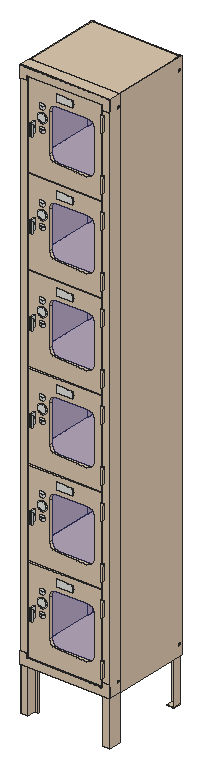
Revit family "Metal_Lockers-Salsbury_Industries-S_65000_66000_Series-1_Wide_Units", category Specialty Equipment, Revit 2016 (continued)
Definition of nested family "Metal Locker Front Filler"
  Parameters (values of type "77869 - for 6' H Lockers (Zee Base or No Legs)")
    Version = "1.0 (11/30/15)"
    Type Comments = "Vertical Front Filler for Standard Metal Lockers"
    Primary Structure Material = none
    Model = "77865"
    MasterFormat Title = ""
    MasterFormat Number = ""
    Manufacturer = "Salsbury Industries"
    Height = 72.000"
    Description = "9\" W Vertical Front Filler for 6' H Lockers"
    Depth = 1.500"
    Assembly Code = ""
  Types (9): name | Width | Visible | Model | Height | Description | Depth
    77865 - for 6' H Lockers with Legs | 15.000" | yes | "77865" | 78.000" | "15\" W Vertical Front Filler for 6' H Lockers" | 1.000"
    77869 - for 6' H Lockers with Legs | 9.000" | yes | "77865" | 78.000" | "9\" W Vertical Front Filler for 6' H Lockers" | 1.000"
    77855 - for 5' H Lockers with Legs | 15.000" | yes | "77855" | 66.000" | "15\" W Vertical Front Filler for 5' H Lockers" | 1.000"
    77859 - for 5' H Lockers with Legs | 9.000" | yes | "77859" | 66.000" | "9\" W Vertical Front Filler for 5' H Lockers" | 1.000"
    None | 15.000" | no | "n/a" | 78.000" | "" | 1.500"
    77865 - for 6' H Lockers (Zee Base or No Legs) | 15.000" | yes | "77865" | 72.000" | "15\" W Vertical Front Filler for 6' H Lockers" | 1.000"
    77869 - for 6' H Lockers (Zee Base or No Legs) | 9.000" | yes | "77865" | 72.000" | "9\" W Vertical Front Filler for 6' H Lockers" | 1.500"
    77859 - for 5' H Lockers (Zee Base or No Legs) | 9.000" | yes | "77859" | 60.000" | "9\" W Vertical Front Filler for 5' H Lockers" | 1.000"
    77855 - for 5' H Lockers (Zee Base or No Legs) | 15.000" | yes | "77855" | 60.000" | "15\" W Vertical Front Filler for 5' H Lockers" | 1.000"
  Reference planes (in)
    plane 1 "Center (Front/Back)": y = -2.167
    plane 2: z = 0
    plane 3 "Center (Left/Right)": x = -4.595
    plane 4 "Bottom of Filler": z = 0
    plane 5 "Top of Panel": z = 72
    plane 6 "Front of Filler": y = -2.917
    plane 7 "Right Side of Filler": x = -0.095
    plane 8 "Left Side of Filler": x = -9.095
    plane 9 "Back of Filler": y = -1.417
    plane 10: z = 36
  Forms (in)
    Extrusion 1, solid, material <- "Primary Structure Material", visible <- "Visible"
      sketch origin (0, 0, 0) x (0, -1, 0) y (1, 0, 0)
        loop
          line (1.417, -9.095) -> (2.917, -9.095) -> (2.917, -1.095) -> (2.869, -1.095) -> (2.869, -9.047) -> (1.417, -9.047) -> (1.417, -9.095)
      from 0 to 72
    Extrusion 2, solid, material <- "Primary Structure Material", visible <- "Visible"
      sketch origin (0, -0.20425, 0) x (0, -1, 0) y (1, 0, 0)
        loop
          line (1.30875, -0.095) -> (1.30875, -0.143) -> (2.76075, -0.143) -> (2.76075, -1.595) -> (2.80875, -1.595) -> (2.80875, -0.095) -> (1.30875, -0.095)
      from 0 to 72
    Extrusion 3, solid, material <- "Primary Structure Material", visible <- "Visible"
      sketch origin (0, 0.10825, 0) x (0, -1, 0) y (1, 0, 0)
        loop
          line (3.07325, -1.595) -> (3.07325, -0.82524) -> (3.02525, -0.82524) -> (3.02525, -1.376) -> (3.02525, -1.449) -> (3.02525, -1.522) -> (3.02525, -1.595) -> (3.07325, -1.595)
      from 0 to 72
    Extrusion 4, solid, material <- "Primary Structure Material", visible <- "Visible"
      sketch origin (0, 0, 0) x (0, -1, 0) y (1, 0, 0)
        loop
          line (2.917, -0.82524) -> (2.821, -0.82524) -> (2.821, -1.80024) -> (2.869, -1.80024) -> (2.869, -0.87324) -> (2.917, -0.87324) -> (2.917, -0.82524)
      from 0 to 72
  Dimensions and locks (in)
    equal spacing: plane 6 "Front of Filler", plane 1 "Center (Front/Back)", plane 9 "Back of Filler"
    "Depth": plane 6 "Front of Filler" to plane 9 "Back of Filler"
    equal spacing: plane 8 "Left Side of Filler", plane 3 "Center (Left/Right)", plane 7 "Right Side of Filler"
    "Width": plane 8 "Left Side of Filler" to plane 7 "Right Side of Filler"
    equal spacing: plane 5 "Top of Panel", plane 10, plane 2
    "Height": plane 5 "Top of Panel" to plane 2
    aligned and locked: level to plane 2
    aligned and locked: Extrusion 1 to plane 5 "Top of Panel"
    aligned and locked: Extrusion 2 to plane 5 "Top of Panel"
    aligned and locked: Extrusion 3 to plane 5 "Top of Panel"
    aligned and locked: Extrusion 4 to plane 5 "Top of Panel"
  Automatic sketch dimensions
    plane 9 "Back of Filler" to Extrusion 1 sketch curve = 0.000"
    plane 6 "Front of Filler" to Extrusion 1 sketch curve = 0.000"
    Extrusion 1 sketch curve to plane 8 "Left Side of Filler" = 0.000"
    Extrusion 1 sketch curve to plane 6 "Front of Filler" = 0.048"
    Extrusion 1 sketch curve to Extrusion 1 sketch curve = 0.048"
    plane 7 "Right Side of Filler" to Extrusion 1 sketch curve = 1.000"
    Extrusion 2 sketch curve to plane 7 "Right Side of Filler" = 0.000"
    plane 7 "Right Side of Filler" to Extrusion 2 sketch curve = 0.048"
    plane 9 "Back of Filler" to Extrusion 2 sketch curve = 0.096"
    plane 6 "Front of Filler" to Extrusion 2 sketch curve = 0.048"
    Extrusion 2 sketch curve to Extrusion 2 sketch curve = 0.048"
    Extrusion 2 sketch curve to Extrusion 2 sketch curve = 1.452"
    plane 6 "Front of Filler" to Extrusion 3 sketch curve = 0.000"
    plane 7 "Right Side of Filler" to Extrusion 3 sketch curve = 1.500"
    Extrusion 3 sketch curve to Extrusion 3 sketch curve = 0.073"  (x3)
    Extrusion 3 sketch curve to Extrusion 3 sketch curve = 0.55076"
    Extrusion 3 sketch curve to Extrusion 3 sketch curve = 0.048"
    plane 6 "Front of Filler" to Extrusion 4 sketch curve = 0.000"
    Extrusion 4 sketch curve to plane 6 "Front of Filler" = 0.048"
    Extrusion 4 sketch curve to Extrusion 4 sketch curve = 0.048"  (x2)
    plane 7 "Right Side of Filler" to Extrusion 4 sketch curve = 1.70524"
    plane 7 "Right Side of Filler" to Extrusion 4 sketch curve = 0.77824"
Definition of nested family "Metal Locker Flat Top Filler"
  Parameters (values of type "77842 - for 12" Deep Lockers (15" W)")
    Width = 16.250"
    Visible = yes
    Version = "1.0 (11/30/15)"
    Type Comments = "Flat Top Filler for Standard Metal Lockers"
    Primary Structure Material = none
    Model = "77842"
    MasterFormat Title = ""
    MasterFormat Number = ""
    Manufacturer = "Salsbury Industries"
    Height = 1.003"
    Description = "15\"W Flat Top In-Line Filler"
    Depth = 12.118"
    Assembly Code = ""
  Types (7): name | Width | Visible | Model | Depth
    77842 - for 12" Deep Lockers (15" W) | 16.250" | yes | "77842" | 12.118"
    77842 - for 12" Deep Lockers (9" W) | 10.250" | yes | "77842" | 12.118"
    77845 - for 15" Deep Lockers (15" W) | 16.250" | yes | "77845" | 15.118"
    77845 - for 15" Deep Lockers (9" W) | 10.250" | yes | "77845" | 15.118"
    77848 - for 18" Deep Lockers (15" W) | 16.250" | yes | "77848" | 18.118"
    77848 - for 18" Deep Lockers (9" W) | 10.250" | yes | "77848" | 18.118"
    None | 16.250" | no | "" | 12.118"
  Reference planes (in)
    plane 1 "Center (Front/Back)": y = -2.167
    plane 2: z = 0
    plane 3 "Center (Left/Right)": x = -4.595
    plane 4 "Bottom of Panel": z = 0
    plane 5 "Top of Panel": z = 1.003
    plane 6 "Front of Panel": y = -8.226
    plane 7 "Right Side of Enclosure": x = 3.53
    plane 8 "Left Side of Enclosure": x = -12.72
    plane 9 "Back of Panel": y = 3.892
    plane 10: z = 0.5015
  Forms (in)
    Extrusion 1, solid, material <- "Primary Structure Material", visible <- "Visible"
      sketch origin (-4.595, 0, 0) x (0, 1, 0) y (0, 0, 1)
        loop
          line (-8.226, 0) -> (-8.178, 0) -> (-8.178, 0.955) -> (3.892, 0.955) -> (3.892, 1.003) -> (-8.226, 1.003) -> (-8.226, 0)
      from -8.125 to 8.125
  Dimensions and locks (in)
    equal spacing: plane 6 "Front of Panel", plane 1 "Center (Front/Back)", plane 9 "Back of Panel"
    "Depth": plane 6 "Front of Panel" to plane 9 "Back of Panel"
    equal spacing: plane 8 "Left Side of Enclosure", plane 3 "Center (Left/Right)", plane 7 "Right Side of Enclosure"
    "Width": plane 8 "Left Side of Enclosure" to plane 7 "Right Side of Enclosure"
    equal spacing: plane 5 "Top of Panel", plane 10, plane 2
    "Height": plane 5 "Top of Panel" to plane 2
    aligned and locked: level to plane 2
    aligned and locked: Extrusion 1 to plane 7 "Right Side of Enclosure"
    aligned and locked: plane 8 "Left Side of Enclosure" to Extrusion 1
    aligned and locked: plane 6 "Front of Panel" to Extrusion 1
    aligned and locked: Extrusion 1 to plane 9 "Back of Panel"
  Automatic sketch dimensions
    plane 5 "Top of Panel" to Extrusion 1 sketch curve = 0.000"
    Extrusion 1 sketch curve to plane 6 "Front of Panel" = 0.000"
    Extrusion 1 sketch curve to level = 0.000"
    Extrusion 1 sketch curve to plane 9 "Back of Panel" = 0.000"
    Extrusion 1 sketch curve to plane 6 "Front of Panel" = 0.048"
    plane 5 "Top of Panel" to Extrusion 1 sketch curve = 0.048"
Definition of nested family "Metal Locker Flat Corner Filler"
  Parameters (values of type "77832 - for 12" Deep Lockers")
    Width = 12.625"
    Visible = yes
    Version = "1.0 (11/30/15)"
    Type Comments = "Flat Top Corner Filler for Standard Metal Lockers"
    Primary Structure Material = none
    Model = "77832"
    MasterFormat Title = ""
    MasterFormat Number = ""
    Manufacturer = "Salsbury Industries"
    Height = 0.048"
    Description = "12\"W Flat Top Corner Filler"
    Depth = 12.625"
    Assembly Code = ""
  Types (4): name | Width | Visible | Model | Description | Depth
    77832 - for 12" Deep Lockers | 12.625" | yes | "77832" | "12\"W Flat Top Corner Filler" | 12.625"
    77835 - for 15" Deep Lockers | 15.625" | yes | "77835" | "15\"W Flat Top Corner Filler" | 15.625"
    77838 - for 18" Deep Lockers | 18.625" | yes | "77838" | "18\"W Flat Top Corner Filler" | 18.625"
    None | 12.625" | no | "" | "" | 12.625"
  Reference planes (in)
    plane 1 "Center (Front/Back)": y = -2.167
    plane 2: z = 0
    plane 3 "Center (Left/Right)": x = -4.595
    plane 4 "Bottom of Panel": z = 0
    plane 5 "Top of Panel": z = 0.048
    plane 6 "Front of Panel": y = -8.4795
    plane 7 "Right Side of Enclosure": x = 1.7175
    plane 8 "Left Side of Enclosure": x = -10.9075
    plane 9 "Back of Panel": y = 4.1455
    plane 10: z = 0.024
  Forms (in)
    Extrusion 1, solid, material <- "Primary Structure Material", visible <- "Visible"
      sketch origin (0, 0, 0) x (0, -1, 0) y (1, 0, 0)
        loop
          line (7.8545, -10.9075) -> (7.8545, -10.2825) -> (8.4795, -10.2825) -> (8.4795, 1.7175) -> (-4.1455, 1.7175) -> (-4.1455, -10.9075) -> (7.8545, -10.9075)
      from 0 to 0.048
  Dimensions and locks (in)
    equal spacing: plane 6 "Front of Panel", plane 1 "Center (Front/Back)", plane 9 "Back of Panel"
    "Depth": plane 6 "Front of Panel" to plane 9 "Back of Panel"
    equal spacing: plane 8 "Left Side of Enclosure", plane 3 "Center (Left/Right)", plane 7 "Right Side of Enclosure"
    "Width": plane 8 "Left Side of Enclosure" to plane 7 "Right Side of Enclosure"
    equal spacing: plane 5 "Top of Panel", plane 10, plane 2
    "Height": plane 5 "Top of Panel" to plane 2
    aligned and locked: level to plane 2
    aligned and locked: Extrusion 1 to plane 9 "Back of Panel"
    aligned and locked: plane 6 "Front of Panel" to Extrusion 1
    aligned and locked: Extrusion 1 to plane 7 "Right Side of Enclosure"
    aligned and locked: plane 8 "Left Side of Enclosure" to Extrusion 1
  Automatic sketch dimensions
    Extrusion 1 sketch curve to plane 8 "Left Side of Enclosure" = 0.000"
    plane 9 "Back of Panel" to Extrusion 1 sketch curve = 0.000"
    plane 6 "Front of Panel" to Extrusion 1 sketch curve = 0.000"
    Extrusion 1 sketch curve to plane 7 "Right Side of Enclosure" = 0.000"
    Extrusion 1 sketch curve to plane 8 "Left Side of Enclosure" = 0.625"
    Extrusion 1 sketch curve to plane 6 "Front of Panel" = 0.625"
Definition of nested family "Metal Locker Sloping Hood"
  Parameters (values of type "77752 - for 12" Deep Lockers (1 Wide)")
    Width = 12.040"
    Visible = yes
    Version = "1.0 (11/30/15)"
    Type Comments = "Sloping Hood for Standard Metal Lockers"
    Slope Angle = 28.761°
    Primary Structure Material = none
    Model = "77752"
    MasterFormat Title = ""
    MasterFormat Number = ""
    Manufacturer = "Salsbury Industries"
    Height = 6.625"
    Dividing Lines = no
    Description = "12\" Deep for up to (3) 12\" Wide Lockers"
    Depth = 12.070"
    Assembly Code = ""
  Types (12): name | Width | Visible | Slope Angle | Model | Height | Dividing Lines | Description | Depth
    77752 - for 12" Deep Lockers (1 Wide) | 12.040" | yes | 28.761° | "77752" | 6.625" | no | "12\" Deep for up to (3) 12\" Wide Lockers" | 12.070"
    77752 - for 12" Deep Lockers (3 Wide) | 36.040" | yes | 28.761° | "77752" | 6.625" | yes | "12\" Deep for up to (3) 12\" Wide Lockers" | 12.070"
    77755 - for 15" Deep Lockers (1 Wide) | 12.040" | yes | 29.946° | "77755" | 8.682" | no | "15\" Deep for up to (3) 12\" Wide Lockers" | 15.070"
    77755 - for 15" Deep Lockers (3 Wide) | 36.040" | yes | 29.946° | "77755" | 8.628" | yes | "15\" Deep for up to (3) 12\" Wide Lockers" | 15.070"
    77758 - for 18" Deep Lockers (1 Wide) | 12.040" | yes | 30.723° | "77758" | 10.739" | no | "18\" Deep for up to (3) 12\" Wide Lockers" | 18.070"
    77758 - for 18" Deep Lockers (3 Wide) | 36.040" | yes | 30.723° | "77758" | 10.739" | yes | "18\" Deep for up to (3) 12\" Wide Lockers" | 18.070"
    None | 12.000" | no | 28.761° | "" | 6.625" | no | "" | 12.070"
    77765 - for 15" Deep Lockers (1 Wide) | 15.040" | yes | 29.946° | "77752" | 6.625" | no | "12\" Deep for up to (3) 12\" Wide Lockers" | 15.070"
    77768 - for 18" Deep Lockers (1 Wide) | 15.040" | yes | 30.723° | "77752" | 6.625" | no | "12\" Deep for up to (3) 12\" Wide Lockers" | 18.070"
    77765 - for 15" Deep Lockers (3 Wide) | 45.040" | yes | 29.946° | "77752" | 6.625" | yes | "12\" Deep for up to (3) 12\" Wide Lockers" | 15.070"
    77768 - for 18" Deep Lockers (3 Wide) | 45.040" | yes | 30.723° | "77752" | 6.625" | yes | "12\" Deep for up to (3) 12\" Wide Lockers" | 18.070"
    77759 - for 18" Deep Bridge Lockers | 72.040" | yes | 30.723° | "77752" | 6.625" | no | "12\" Deep for up to (3) 12\" Wide Lockers" | 18.070"
  Reference planes (in)
    plane 1 "Center (Front/Back)": y = -2.167
    plane 2: z = 0
    plane 3 "Center (Left/Right)": x = -4.595
    plane 4 "Bottom of Panel": z = 0
    plane 5 "Top of Panel": z = 6.625
    plane 6 "Front of Panel": y = -8.202
    plane 7 "Right Side of Enclosure": x = 1.425
    plane 8 "Left Side of Enclosure": x = -10.615
    plane 9 "Back of Panel": y = 3.868
    plane 10: z = 3.3125
    plane 11: through (0, -7.81601, 0.21186) normal (0, -0.4812, 0.8766)
    plane 12: through (0, -7.94397, 0.10626) normal (0, -0.4812, 0.8766)
    plane 13: y = 3.837
    plane 14: y = 3.806
    plane 15: y = 3.775
    plane 16: y = 3.37433
    plane 17 "Divider 1": x = -6.60167
    plane 18 "Divider 2": x = -2.58833
  Forms (in)
    Extrusion 1, solid, material <- "Primary Structure Material", visible <- "Visible"
      sketch origin (1.425, 0, 0) x (0, 0, -1) y (0, -1, 0)
        loop
          line (-6.62484, -3.868) -> (0, -3.868) -> (0, 8.202) -> (-6.62484, -3.868)
      from 0 to 0.031
    Extrusion 2, solid, material <- "Primary Structure Material", visible <- "Visible"
      sketch origin (1.425, 0, 0) x (0, 0, -1) y (0, -1, 0)
        loop
          line (0, -3.868) -> (0, -3.837) -> (-6.60783, -3.837) -> (-6.62484, -3.868) -> (0, -3.868)
      from 0.03098 to 0.40598
    Extrusion 3, solid, material <- "Primary Structure Material", visible <- "Visible"
      sketch origin (1.425, 0, 0) x (0, 0, -1) y (0, -1, 0)
        loop
          line (0, -3.837) -> (0, 8.13757) -> (-0.031, 8.08109) -> (-0.031, -3.837) -> (0, -3.837)
      from 0.031 to 0.80198
    Extrusion 4, solid, material <- "Primary Structure Material", visible <- "Visible"
      sketch origin (-10.615, 0, 0) x (0, 0, -1) y (0, -1, 0)
        loop
          line (-6.62484, -3.868) -> (0, -3.868) -> (0, 8.202) -> (-6.62484, -3.868)
      from 0 to -0.031
    Extrusion 5, solid, material <- "Primary Structure Material", visible <- "Visible"
      sketch origin (-10.615, 0, 0) x (0, 0, -1) y (0, -1, 0)
        loop
          line (0, -3.868) -> (0, -3.837) -> (-6.60783, -3.837) -> (-6.62484, -3.868) -> (0, -3.868)
      from -0.031 to -0.406
    Extrusion 6, solid, material <- "Primary Structure Material", visible <- "Visible"
      sketch origin (-10.615, 0, 0) x (0, 0, -1) y (0, -1, 0)
        loop
          line (0, -3.837) -> (0, 8.13757) -> (-0.031, 8.08109) -> (-0.031, -3.837) -> (0, -3.837)
      from -0.031 to -0.802
    Extrusion 7, solid, material <- "Primary Structure Material", visible <- "Visible"
      sketch origin (-4.595, 0, 0) x (0, 1, 0) y (0, 0, 1)
        loop
          line (3.837, 6.60783) -> (-8.202, 0) -> (-7.84238, 0) -> (-7.84238, 0.031) -> (-8.08109, 0.031) -> (3.806, 6.55545) -> (3.806, 6.21809) -> (3.837, 6.21809) -> (3.837, 6.60783)
      from -5.989 to 5.989
    Extrusion 8, solid, material <- "Primary Structure Material", visible <- "Visible"
      sketch origin (-4.595, -0.031, 0) x (0, 1, 0) y (0, 0, 1)
        loop
          line (3.837, 0.031) -> (3.837, 6.55545) -> (3.806, 6.53844) -> (3.806, 0.031) -> (3.837, 0.031)
      from -5.989 to 5.989
    Extrusion 9, solid, material <- "Primary Structure Material", visible <- "Visible"
      sketch origin (0, -0.031, 0) x (0, -1, 0) y (1, 0, 0)
        loop
          line (-3.806, -9.75653) -> (-3.40533, -9.75653) -> (-3.40533, 0.56919) -> (-3.806, 0.56919) -> (-3.806, -9.75653)
      from 0.031 to 0.06464
  Lines and regions (in)
    model lines, visible <- "Dividing Lines"
      curve 1: line (-6.60167, -8.21456, -0.0069) -> (-6.60167, 3.868, 6.62484)
      curve 2: line (-2.58833, -8.21456, -0.0069) -> (-2.58833, 3.868, 6.62484)
  Dimensions and locks (in)
    equal spacing: plane 6 "Front of Panel", plane 1 "Center (Front/Back)", plane 9 "Back of Panel"
    "Depth": plane 6 "Front of Panel" to plane 9 "Back of Panel"
    equal spacing: plane 8 "Left Side of Enclosure", plane 17 "Divider 1", plane 18 "Divider 2", plane 7 "Right Side of Enclosure"
    "Width": plane 8 "Left Side of Enclosure" to plane 7 "Right Side of Enclosure"
    equal spacing: plane 5 "Top of Panel", plane 10, plane 2
    "Height": plane 5 "Top of Panel" to plane 2
    locked: plane 11 to plane 12 at 0.031
    plane 16 to plane 15 to plane 14 to plane 13 to plane 9 "Back of Panel" = 0.40067", 0.031", 0.031", 0.031"
    equal spacing: plane 8 "Left Side of Enclosure", plane 3 "Center (Left/Right)", plane 7 "Right Side of Enclosure"
    "Slope Angle": angle plane 4 "Bottom of Panel" to plane 11
    aligned and locked: level to plane 2
    aligned and locked: Extrusion 1 to plane 9 "Back of Panel"
    aligned and locked: plane 4 "Bottom of Panel" to Extrusion 1
    aligned and locked: Extrusion 7 to Extrusion 1
    aligned and locked: Extrusion 7 to Extrusion 4
    aligned and locked: Extrusion 7 to Extrusion 8  (x2)
    aligned and locked: plane 11 to Extrusion 7 sketch curve
    aligned and locked: plane 12 to Extrusion 7 sketch curve
    aligned and locked: plane 12 to Extrusion 8 sketch curve
    aligned and locked: Extrusion 4 sketch curve to plane 11
    aligned and locked: Extrusion 1 sketch curve to plane 11
    aligned and locked: Extrusion 3 sketch curve to plane 12
    aligned and locked: Extrusion 6 sketch curve to plane 12
    aligned and locked: plane 13 to Extrusion 7
    aligned and locked: plane 14 to Extrusion 8
    aligned and locked: plane 15 to Extrusion 8
    aligned and locked: plane 16 to Extrusion 9
    aligned and locked: plane 13 to Extrusion 7 sketch curve
    aligned and locked: Extrusion 7 sketch curve to plane 14
    aligned and locked: plane 13 to Extrusion 2 sketch curve
    aligned and locked: plane 11 to Extrusion 2 sketch curve
    aligned and locked: plane 13 to Extrusion 5 sketch curve
    aligned and locked: plane 11 to Extrusion 5 sketch curve
    aligned and locked: curve 2 to plane 18 "Divider 2"
    aligned and locked: curve 1 to plane 17 "Divider 1"
  Automatic sketch dimensions
    Extrusion 7 sketch curve to level = 0.000"
    level to Extrusion 7 sketch curve = 0.031"
    Extrusion 7 sketch curve to Extrusion 7 sketch curve = 0.23871"
    Extrusion 7 sketch curve to Extrusion 7 sketch curve = 0.33736"
    Extrusion 1 sketch curve to plane 9 "Back of Panel" = 0.000"
    Extrusion 1 sketch curve to level = 0.000"
    Extrusion 2 sketch curve to plane 9 "Back of Panel" = 0.000"
    Extrusion 2 sketch curve to level = 0.000"
    Extrusion 3 sketch curve to plane 13 = 0.000"
    Extrusion 3 sketch curve to level = 0.000"
    level to Extrusion 3 sketch curve = 0.031"
    Extrusion 4 sketch curve to plane 9 "Back of Panel" = 0.000"
    Extrusion 4 sketch curve to level = 0.000"
    Extrusion 5 sketch curve to plane 9 "Back of Panel" = 0.000"
    Extrusion 5 sketch curve to level = 0.000"
    Extrusion 6 sketch curve to plane 13 = 0.000"
    Extrusion 6 sketch curve to level = 0.000"
    Extrusion 6 sketch curve to Extrusion 6 sketch curve = 0.031"
    Extrusion 8 sketch curve to plane 15 = 0.000"
    Extrusion 8 sketch curve to plane 14 = 0.000"
    level to Extrusion 8 sketch curve = 0.031"
    plane 15 to Extrusion 9 sketch curve = 0.000"
    plane 16 to Extrusion 9 sketch curve = 0.000"
    Extrusion 9 sketch curve to plane 8 "Left Side of Enclosure" = 0.85847"
    plane 7 "Right Side of Enclosure" to Extrusion 9 sketch curve = 0.85581"
    curve 1 to plane 9 "Back of Panel" = 0.000"
    plane 11 to curve 1 = 0.000"
    curve 1 to plane 11 = 0.000"
    curve 1 to level = 0.0069"
    curve 2 to plane 9 "Back of Panel" = 0.000"
    plane 11 to curve 2 = 0.000"
    curve 2 to plane 11 = 0.000"
    curve 2 to level = 0.0069"
Definition of nested family "Metal Locker Sloping Top Filler"
  Parameters (values of type "77882 - for 12" Deep Lockers (15" W)")
    Width = 16.250"
    Visible = yes
    Version = "1.0 (11/30/15)"
    Type Comments = "Sloping Hood In-Line Filler for Standard Metal Lockers"
    Slope Angle = 28.761°
    Primary Structure Material = none
    Model = "77882"
    MasterFormat Title = ""
    MasterFormat Number = ""
    Manufacturer = "Salsbury Industries"
    Height = 1.003"
    Description = "15\"W Sloping Hood In-Line Filler"
    Depth = 12.118"
    Assembly Code = ""
  Types (7): name | Width | Visible | Type Comments | Slope Angle | Model | Description | Depth
    77882 - for 12" Deep Lockers (15" W) | 16.250" | yes | "Sloping Hood In-Line Filler for Standard Metal Lockers" | 28.761° | "77882" | "15\"W Sloping Hood In-Line Filler" | 12.118"
    77882 - for 12" Deep Lockers (9" W) | 10.250" | yes | "Sloping Hood In-Line Filler for Standard Metal Lockers" | 28.761° | "77882" | "15\"W Sloping Hood In-Line Filler" | 12.118"
    77885 - for 15" Deep Lockers (15" W) | 16.250" | yes | "Sloping Hood In-Line Filler for Standard Metal Lockers" | 29.946° | "77885" | "15\"W Sloping Hood In-Line Filler" | 15.118"
    77885 - for 15" Deep Lockers (9" W) | 10.250" | yes | "Sloping Hood In-Line Filler for Standard Metal Lockers" | 29.946° | "77885" | "15\"W Sloping Hood In-Line Filler" | 15.118"
    77888 - for 18" Deep Lockers (15" W) | 16.250" | yes | "Sloping Hood In-Line Filler for Standard Metal Lockers" | 30.723° | "77888" | "15\"W Sloping Hood In-Line Filler" | 18.118"
    77888 - for 18" Deep Lockers (9" W) | 10.250" | yes | "Sloping Hood In-Line Filler for Standard Metal Lockers" | 30.723° | "77888" | "15\"W Sloping Hood In-Line Filler" | 18.118"
    None | 16.250" | no | "Sloping Hood for Standard Metal Lockers" | 28.761° | "" | "" | 12.118"
  Reference planes (in)
    plane 1 "Center (Front/Back)": y = -2.167
    plane 2: z = 0
    plane 3 "Center (Left/Right)": x = -4.595
    plane 4 "Bottom of Panel": z = 0
    plane 5 "Top of Panel": z = 1.003
    plane 6 "Front of Panel": y = -8.226
    plane 7 "Right Side of Enclosure": x = 3.53
    plane 8 "Left Side of Enclosure": x = -12.72
    plane 9 "Back of Panel": y = 3.892
    plane 10: z = 0.5015
    plane 11: through (0, -7.6072, 0.33964) normal (0, -0.4812, 0.8766)
    plane 12: through (0, -7.72698, 0.21914) normal (0, -0.4812, 0.8766)
  Forms (in)
    Extrusion 1, solid, material <- "Primary Structure Material", visible <- "Visible"
      sketch origin (-4.595, 0, 0) x (0, 1, 0) y (0, 0, 1)
        loop
          line (3.892, 6.65119) -> (-8.226, 0) -> (-8.226, -1.028) -> (-8.178, -1.028) -> (-8.178, -0.02841) -> (3.892, 6.59643) -> (3.892, 6.65119)
      from -8.125 to 8.125
  Dimensions and locks (in)
    equal spacing: plane 6 "Front of Panel", plane 1 "Center (Front/Back)", plane 9 "Back of Panel"
    "Depth": plane 6 "Front of Panel" to plane 9 "Back of Panel"
    equal spacing: plane 8 "Left Side of Enclosure", plane 3 "Center (Left/Right)", plane 7 "Right Side of Enclosure"
    "Width": plane 8 "Left Side of Enclosure" to plane 7 "Right Side of Enclosure"
    equal spacing: plane 5 "Top of Panel", plane 10, plane 2
    "Height": plane 5 "Top of Panel" to plane 2
    locked: plane 11 to plane 12 at 0.048
    "Slope Angle": angle plane 4 "Bottom of Panel" to plane 11
    aligned and locked: level to plane 2
    aligned and locked: plane 11 to Extrusion 1 sketch curve
    aligned and locked: plane 12 to Extrusion 1 sketch curve
    aligned and locked: Extrusion 1 to plane 7 "Right Side of Enclosure"
    aligned and locked: plane 8 "Left Side of Enclosure" to Extrusion 1
  Automatic sketch dimensions
    Extrusion 1 sketch curve to plane 6 "Front of Panel" = 0.000"
    Extrusion 1 sketch curve to Extrusion 1 sketch curve = 0.99959"
    Extrusion 1 sketch curve to level = 0.02841"
    Extrusion 1 sketch curve to plane 9 "Back of Panel" = 0.000"
Definition of nested family "Metal Locker Sloping Corner Filler"
  Parameters (values of type "77872 - for 12" Deep Lockers")
    Width = 12.695"
    Visible = yes
    Version = "1.0 (11/30/15)"
    Type Comments = "Sloping Hood Corner Filler for Standard Metal Lockers"
    Slope Angle 2 = 28.761°
    Slope Angle 1 = 28.761°
    Primary Structure Material = none
    Model = "77872"
    MasterFormat Title = ""
    MasterFormat Number = ""
    Manufacturer = "Salsbury Industries"
    Height = 6.87897"
    Description = "12\"D Sloping Hood Corner Filler"
    Depth = 12.695"
    Assembly Code = ""
  Types (4): name | Width | Visible | Slope Angle 2 | Slope Angle 1 | Model | Description | Depth
    77872 - for 12" Deep Lockers | 12.695" | yes | 28.761° | 28.761° | "77872" | "12\"D Sloping Hood Corner Filler" | 12.695"
    77875 - for 15" Deep Lockers | 15.695" | yes | 29.946° | 29.946° | "77875" | "15\"D Sloping Hood Corner Filler" | 15.695"
    77878 - for 18" Deep Lockers | 18.695" | yes | 30.723° | 30.723° | "77878" | "18\"D Sloping Hood Corner Filler" | 18.695"
    None | 12.695" | no | 28.723° | 28.723° | "" | "" | 12.695"
  Reference planes (in)
    plane 1 "Center (Front/Back)": y = -2.167
    plane 2: z = 0
    plane 3 "Center (Left/Right)": x = -4.595
    plane 4 "Bottom of Panel": z = 0
    plane 5 "Top of Panel": z = 6.87897
    plane 6 "Front of Panel": y = -8.5145
    plane 7 "Right Side of Enclosure": x = 1.7525
    plane 8 "Left Side of Enclosure": x = -10.9425
    plane 9 "Back of Panel": y = 4.1805
    plane 10 "Center Top/Bottom": z = 3.43948
    plane 11 "Slope 1": through (0, -7.42276, 0.59922) normal (0, -0.4812, 0.8766)
    plane 12: through (0, -7.54254, 0.47872) normal (0, -0.4812, 0.8766)
    plane 13 "Diagonal Plane": through (-10.86131, 4.09969, 48) normal (0.7071, 0.7071, 0)
    plane 14 "Cutout Plane 1": y = -7.8895
    plane 15 "Cutout Plane 2": x = 1.1275
    plane 16 "Slope 2": through (1.43902, -180, 0.17206) normal (-0.4812, 0, -0.8766)
    plane 17: through (5.04554, -180, -1.86199) normal (-0.4812, 0, -0.8766)
  Forms (in)
    Extrusion 1, solid, material <- "Primary Structure Material", visible <- "Visible"
      sketch origin (-4.595, 0, 0) x (0, 1, 0) y (0, 0, 1)
        loop
          line (-7.8895, 0.28829) -> (4.1805, 6.91313) -> (4.1805, 6.96789) -> (-7.8895, 0.34304) -> (-7.8895, 0.28829)
      from -6.3475 to 6.3475
    Extrusion 2, void
      sketch origin (0, 0, 3.43948) x (1, 0, 0) y (0, 1, 0)
        loop
          line (1.75288, -8.5145) -> (-10.9425, 4.18088) -> (-10.9425, -8.5145) -> (1.75288, -8.5145)
      from -3.43948 to 8.2673
    Extrusion 3, solid, material <- "Primary Structure Material", visible <- "Visible"
      sketch origin (0, -2.167, 0) x (1, 0, 0) y (0, 0, 1)
        loop
          line (1.1275, 0.2885) -> (1.1275, 0.34304) -> (-10.9425, 6.96789) -> (-10.9425, 6.91334) -> (1.1275, 0.2885)
      from -6.3475 to 6.3475
    Extrusion 4, void
      sketch origin (-4.595, 0, 0) x (0, 1, 0) y (0, 0, 1)
        loop
          line (4.1805, 0) -> (4.1805, 6.91313) -> (-8.41474, 0) -> (4.1805, 0)
      from -6.3475 to 6.3475
    Extrusion 5, solid, not visible
      sketch origin (1.1275, 0, 0) x (0, -1, 0) y (0, 0, 1)
        loop
          line (8.60982, 0.2885) -> (7.8895, 0.2885) -> (7.8895, 0) -> (8.60982, 0) -> (8.60982, 0.2885)
      from -0.72026 to 0
  Cuts and joins
    Extrusion 2, Extrusion 4 cuts Extrusion 1
    Extrusion 4 cuts Extrusion 3
  Dimensions and locks (in)
    equal spacing: plane 6 "Front of Panel", plane 1 "Center (Front/Back)", plane 9 "Back of Panel"
    "Depth": plane 6 "Front of Panel" to plane 9 "Back of Panel"
    equal spacing: plane 8 "Left Side of Enclosure", plane 3 "Center (Left/Right)", plane 7 "Right Side of Enclosure"
    "Width": plane 8 "Left Side of Enclosure" to plane 7 "Right Side of Enclosure"
    equal spacing: plane 5 "Top of Panel", plane 10 "Center Top/Bottom", plane 2
    "Height": plane 5 "Top of Panel" to plane 2
    locked: plane 11 "Slope 1" to plane 12 at 0.048
    locked: plane 15 "Cutout Plane 2" to plane 7 "Right Side of Enclosure" at 0.625
    locked: plane 6 "Front of Panel" to plane 14 "Cutout Plane 1" at 0.625
    locked: plane 17 to plane 16 "Slope 2" at 0.04782
    "Slope Angle 1": angle plane 4 "Bottom of Panel" to plane 11 "Slope 1"
    "Slope Angle 2": angle plane 16 "Slope 2" to plane 4 "Bottom of Panel"
    aligned and locked: level to plane 2
    aligned and locked: Extrusion 1 sketch curve to plane 14 "Cutout Plane 1"
    aligned and locked: plane 9 "Back of Panel" to Extrusion 1 sketch curve
    aligned and locked: Extrusion 1 sketch curve to plane 11 "Slope 1"
    aligned and locked: plane 12 to Extrusion 1 sketch curve
    aligned and locked: plane 8 "Left Side of Enclosure" to Extrusion 1
    aligned and locked: Extrusion 1 to plane 7 "Right Side of Enclosure"
    aligned and locked: plane 6 "Front of Panel" to Extrusion 2 sketch curve
    aligned and locked: plane 8 "Left Side of Enclosure" to Extrusion 2 sketch curve
    aligned and locked: plane 13 "Diagonal Plane" to Extrusion 2 sketch curve
    aligned and locked: plane 4 "Bottom of Panel" to cut or joined group of Extrusion 1, Extrusion 2, Extrusion 4
    aligned and locked: Extrusion 4 sketch curve to level
    aligned and locked: Extrusion 4 sketch curve to plane 9 "Back of Panel"
    aligned and locked: plane 12 to Extrusion 4 sketch curve
    aligned and locked: Extrusion 4 to plane 7 "Right Side of Enclosure"
    aligned and locked: plane 8 "Left Side of Enclosure" to Extrusion 4
    aligned and locked: cut or joined group of Extrusion 3, Extrusion 4 to plane 15 "Cutout Plane 2"
    aligned and locked: plane 6 "Front of Panel" to cut or joined group of Extrusion 3, Extrusion 4
    aligned and locked: cut or joined group of Extrusion 3, Extrusion 4 to plane 9 "Back of Panel"
    aligned and locked: Extrusion 3 sketch curve to plane 15 "Cutout Plane 2"
    aligned and locked: Extrusion 3 sketch curve to plane 16 "Slope 2"
    aligned and locked: plane 8 "Left Side of Enclosure" to Extrusion 3 sketch curve
    aligned and locked: plane 17 to Extrusion 3 sketch curve
  Automatic sketch dimensions
    Extrusion 5 sketch curve to plane 14 "Cutout Plane 1" = 0.000"
    Extrusion 5 sketch curve to level = 0.000"
    plane 6 "Front of Panel" to Extrusion 5 sketch curve = 0.09532"
    Extrusion 5 sketch curve to Extrusion 5 sketch curve = 0.2885"
Types (19): name | Zee Base | Unit Height including Sloping Hood Only | Unit Height | Type Comments | Total Door(s) Height | Top Door | Top Compartment Divider | Sloping Hood Height | Unit Height including Base Only | Overall Unit Height (including Base and Sloping Hood) | Model | Individual Door Height | Door Window Offset | Door Location D1 | Description | Depth | Compartment Divider Height | Base Height | Standard Leg Base
  (no name) | Metal Locker Zee Base : None | 78.625" | 72.000" | "See-Through Metal Locker - Six Tier" | 69.81949" | yes | yes | 6.625" | 78.000" | 84.625" | "S-66162" | 11.534" | 3.372" | See-Through Metal Locker Doors-12 inch with Latch Hasps : Six Tier Door - 6 foot | "1 Wide - 6 Feet High - 12 Inches Deep" | 12.010" | 11.159" | 6.000" | Metal Locker Legs : 6" High - 12" W x 12" D
  S-66162 - with Standard 6" High Legs | Metal Locker Zee Base : None | 78.625" | 72.000" | "See-Through Metal Locker - Six Tier" | 69.81949" | yes | yes | 6.625" | 78.000" | 84.625" | "S-66162" | 11.534" | 3.372" | See-Through Metal Locker Doors-12 inch with Latch Hasps : Six Tier Door - 6 foot | "1 Wide - 6 Feet High - 12 Inches Deep" | 12.010" | 11.159" | 6.000" | Metal Locker Legs : 6" High - 12" W x 12" D
  S-66165 - with Standard 6" High Legs | Metal Locker Zee Base : None | 80.682" | 72.000" | "See-Through Metal Locker - Six Tier" | 69.81949" | yes | yes | 8.682" | 78.000" | 86.682" | "S-66165" | 11.534" | 3.372" | See-Through Metal Locker Doors-12 inch with Latch Hasps : Six Tier Door - 6 foot | "1 Wide - 6 Feet High - 15 Inches Deep" | 15.010" | 11.159" | 6.000" | Metal Locker Legs : 6" High - 12" W x 15" D
  S-66168 - with Standard 6" High Legs | Metal Locker Zee Base : None | 82.739" | 72.000" | "See-Through Metal Locker - Six Tier" | 69.81949" | yes | yes | 10.739" | 78.000" | 88.739" | "S-66168" | 11.534" | 3.372" | See-Through Metal Locker Doors-12 inch with Latch Hasps : Six Tier Door - 6 foot | "1 Wide - 6 Feet High - 18 Inches Deep" | 18.010" | 11.159" | 6.000" | Metal Locker Legs : 6" High - 12"W x 18"D
  S-66162 - with 77572 Zee Base and 77550 Lockers without Legs | Metal Locker Zee Base : 77572- 12" W x 12" D | 78.625" | 72.000" | "See-Through Metal Locker - Six Tier" | 69.81949" | yes | yes | 6.625" | 76.000" | 82.625" | "S-66162 with 77572 and 77550" | 11.534" | 3.372" | See-Through Metal Locker Doors-12 inch with Latch Hasps : Six Tier Door - 6 foot | "1 Wide - 6 Feet High - 12 Inches Deep with Zee Base and Lockers without Legs" | 12.010" | 11.159" | 4.000" | Metal Locker Legs : No Legs
  S-66165 - with 77575 Zee Base and 77550 Lockers without Legs | Metal Locker Zee Base : 77575 - 12" W x 15" D | 80.682" | 72.000" | "See-Through Metal Locker - Six Tier" | 69.81949" | yes | yes | 8.682" | 76.000" | 84.682" | "S-66165 with 77575 and 77550" | 11.534" | 3.372" | See-Through Metal Locker Doors-12 inch with Latch Hasps : Six Tier Door - 6 foot | "1 Wide - 6 Feet High - 15 Inches Deep with Zee Base and Lockers without Legs" | 15.010" | 11.159" | 4.000" | Metal Locker Legs : No Legs
  S-66168 - with 77578 Zee Base and 77550 Lockers without Legs | Metal Locker Zee Base : 77578 - 12"W x 18"D | 82.739" | 72.000" | "See-Through Metal Locker - Six Tier" | 69.81949" | yes | yes | 10.739" | 76.000" | 86.739" | "S-66168 with 77578 and 77550" | 11.534" | 3.372" | See-Through Metal Locker Doors-12 inch with Latch Hasps : Six Tier Door - 6 foot | "1 Wide - 6 Feet High - 18 Inches Deep with Zee Base and Lockers without Legs" | 18.010" | 11.159" | 4.000" | Metal Locker Legs : No Legs
  S-66162 - with 77550 Lockers without Legs | Metal Locker Zee Base : None | 78.625" | 72.000" | "See-Through Metal Locker - Six Tier" | 69.81949" | yes | yes | 6.625" | 72.000" | 78.625" | "S-66162 with 77550" | 11.534" | 3.372" | See-Through Metal Locker Doors-12 inch with Latch Hasps : Six Tier Door - 6 foot | "1 Wide - 6 Feet High - 12 Inches Deep with Lockers without Legs" | 12.010" | 11.159" | 0.000" | Metal Locker Legs : No Legs
  S-66165 - with 77550 Lockers without Legs | Metal Locker Zee Base : None | 80.682" | 72.000" | "See-Through Metal Locker - Six Tier" | 69.81949" | yes | yes | 8.682" | 72.000" | 80.682" | "S-66165 with 77550" | 11.534" | 3.372" | See-Through Metal Locker Doors-12 inch with Latch Hasps : Six Tier Door - 6 foot | "1 Wide - 6 Feet High - 15 Inches Deep with Lockers without Legs" | 15.010" | 11.159" | 0.000" | Metal Locker Legs : No Legs
  S-66168 - with 77550 Lockers without Legs | Metal Locker Zee Base : None | 82.739" | 72.000" | "See-Through Metal Locker - Six Tier" | 69.81949" | yes | yes | 10.739" | 72.000" | 82.739" | "S-66168 with 77550" | 11.534" | 3.372" | See-Through Metal Locker Doors-12 inch with Latch Hasps : Six Tier Door - 6 foot | "1 Wide - 6 Feet High - 18 Inches Deep with Lockers without Legs" | 18.010" | 11.159" | 0.000" | Metal Locker Legs : No Legs
  S-65152 - with Standard 6" High Legs | Metal Locker Zee Base : None | 66.625" | 60.000" | "See-Through Metal Locker - Five Tier" | 57.81949" | no | no | 6.625" | 66.000" | 72.625" | "S-65152" | 11.463" | 3.303" | See-Through Metal Locker Doors-12 inch with Latch Hasps : Five Tier Door - 5 foot | "1 Wide - 5 Feet High - 12 Inches Deep" | 12.010" | 11.088" | 6.000" | Metal Locker Legs : 6" High - 12" W x 12" D
  S-65152 - with 77572 Zee Base and 77550 Lockers without Legs | Metal Locker Zee Base : 77572- 12" W x 12" D | 66.625" | 60.000" | "See-Through Metal Locker - Five Tier" | 57.81949" | no | no | 6.625" | 64.000" | 70.625" | "S-65152 with 77572 and 77550" | 11.463" | 3.303" | See-Through Metal Locker Doors-12 inch with Latch Hasps : Five Tier Door - 5 foot | "1 Wide - 5 Feet High - 12 Inches Deep with Zee Base and Lockers without Legs" | 12.010" | 11.088" | 4.000" | Metal Locker Legs : No Legs
  S-65152 - with 77550 Lockers without Legs | Metal Locker Zee Base : None | 66.625" | 60.000" | "See-Through Metal Locker - Five Tier" | 57.81949" | no | no | 6.625" | 60.000" | 66.625" | "S-65152 with 77550" | 11.463" | 3.303" | See-Through Metal Locker Doors-12 inch with Latch Hasps : Five Tier Door - 5 foot | "1 Wide - 5 Feet High - 12 Inches Deep with Lockers without Legs" | 12.010" | 11.088" | 0.000" | Metal Locker Legs : No Legs
  S-65155 - with Standard 6" High Legs | Metal Locker Zee Base : None | 68.682" | 60.000" | "See-Through Metal Locker - Five Tier" | 57.81949" | no | no | 8.682" | 66.000" | 74.682" | "S-65155" | 11.463" | 3.303" | See-Through Metal Locker Doors-12 inch with Latch Hasps : Five Tier Door - 5 foot | "1 Wide - 5 Feet High - 15 Inches Deep" | 15.010" | 11.088" | 6.000" | Metal Locker Legs : 6" High - 12" W x 15" D
  S-65155 - with 77575 Zee Base and 77550 Lockers without Legs | Metal Locker Zee Base : 77575 - 12" W x 15" D | 68.682" | 60.000" | "See-Through Metal Locker - Five Tier" | 57.81949" | no | no | 8.682" | 64.000" | 72.682" | "S-65155 with 77575 and 77550" | 11.463" | 3.303" | See-Through Metal Locker Doors-12 inch with Latch Hasps : Five Tier Door - 5 foot | "1 Wide - 5 Feet High - 15 Inches Deep with Zee Base and Lockers without Legs" | 15.010" | 11.088" | 4.000" | Metal Locker Legs : No Legs
  S-65155 - with 77550 Lockers without Legs | Metal Locker Zee Base : None | 68.682" | 60.000" | "See-Through Metal Locker - Five Tier" | 57.81949" | no | no | 8.682" | 60.000" | 68.682" | "S-65165 with 77550" | 11.463" | 3.303" | See-Through Metal Locker Doors-12 inch with Latch Hasps : Five Tier Door - 5 foot | "1 Wide - 5 Feet High - 15 Inches Deep with Lockers without Legs" | 15.010" | 11.088" | 0.000" | Metal Locker Legs : No Legs
  S-65158 - with Standard 6" High Legs | Metal Locker Zee Base : None | 70.739" | 60.000" | "See-Through Metal Locker - Five Tier" | 57.81949" | no | no | 10.739" | 66.000" | 76.739" | "S-65158" | 11.463" | 3.303" | See-Through Metal Locker Doors-12 inch with Latch Hasps : Five Tier Door - 5 foot | "1 Wide - 5 Feet High - 18 Inches Deep" | 18.010" | 11.088" | 6.000" | Metal Locker Legs : 6" High - 12"W x 18"D
  S-65158 - with 77578 Zee Base and 77550 Lockers without Legs | Metal Locker Zee Base : 77578 - 12"W x 18"D | 70.739" | 60.000" | "See-Through Metal Locker - Five Tier" | 57.81949" | no | no | 10.739" | 64.000" | 74.739" | "S-65158 with 77578 and 77550" | 11.463" | 3.303" | See-Through Metal Locker Doors-12 inch with Latch Hasps : Five Tier Door - 5 foot | "1 Wide - 5 Feet High - 18 Inches Deep with Zee Base and Lockers without Legs" | 18.010" | 11.088" | 4.000" | Metal Locker Legs : No Legs
  S-65158 - with 77550 Lockers without Legs | Metal Locker Zee Base : None | 70.739" | 60.000" | "See-Through Metal Locker - Five Tier" | 57.81949" | no | no | 10.739" | 60.000" | 70.739" | "S-65158 with 77550" | 11.463" | 3.303" | See-Through Metal Locker Doors-12 inch with Latch Hasps : Five Tier Door - 5 foot | "1 Wide - 5 Feet High - 18 Inches Deep with Lockers without Legs" | 18.010" | 11.088" | 0.000" | Metal Locker Legs : No Legs
